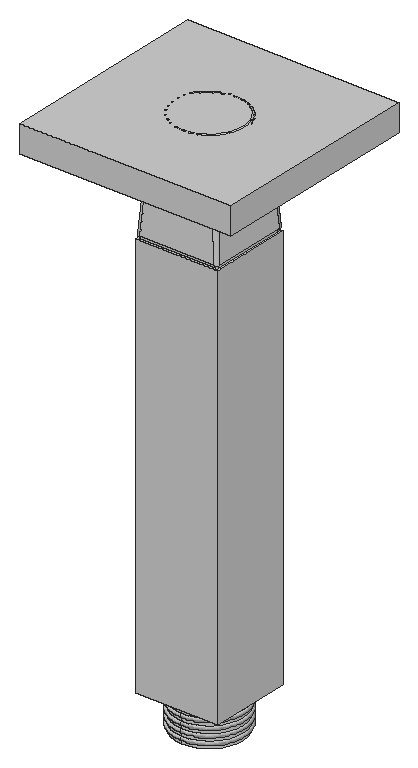
Revit family "SG0080873061CW", category Aparatos sanitarios, Revit 2019
Family settings
  Anfitrión = Techo
  Cota de conector redondo = Diámetro de uso
  Tipo de pieza = Normal
  Número OmniClass = 23.45.55.17
  Título OmniClass = Mixing Faucets
  Siempre vertical = Sí
  Corte con vacíos al cargar = No
  Compartido = No
  Punto de cálculo de habitación = No
Parameters (values of type "BRAZO DE DUCHA VERTICAL CUADRADO")
  _EDESA_Revisado = "Calidad.Planos@edesa.com.ec"
  _EDESA_ Tipo de instalación = "Al techo"
  _EDESA_ Tipo = "simple"
  _EDESA_ Sku/código = "SG0080873061CW"
  _EDESA_ Profundidad en cm = 6.2 mm
  _EDESA_ Productos necesarios para instalación = "Regadera"
  _EDESA_ Productos incluídos = ""
  _EDESA_ Presión del agua recomendada = "20 psi (140 kPa) a 125 psi (860 kPa)"
  _EDESA_ Peso en kg = 0.058 kg
  _EDESA_ Nombre = "BRAZO DE DUCHA VERTICAL CUADRADO"
  _EDESA_ Materiales = "Latón"
  _EDESA_ Marca = "BRIGGS"
  _EDESA_ Manual de Instalación = "https://www.briggs.com.ec/productos/instructivos/Briggs/Griferia/Regaderas_slim.pdf"
  _EDESA_ Garantía = "De por vida para el cuerpo principal y acabado en cromo (306)"
  _EDESA_ Ficha técnica = "https://www.briggs.com.ec/productos/fichastecnicaspdf/Briggs/Griferia/Brazo_ducha_vertical_cuadrado.pdf"
  _EDESA_ Descripción = "Brazo de ducha vertical."
  _EDESA_ Cumple normativa ADA = ""
  _EDESA_ Contacto comercial = "(02) 395 2900"
  _EDESA_ Consumo/capacidad de agua en L = "9.5 litros por minuto / 2.5 gpm en combinación con cualquiera de nuestras"
  _EDESA_ Consumo de agua = ""
  _EDESA_ Conexión hidráulica = "Entrada de agua: tubería ø 1/2"
  _EDESA_ Colores/acabados = "Cromo"
  _EDESA_ Certificación = "Cumple con norma NTE - INEN 3123 basada en la norma ASME 112.18.1 - 2012."
  _EDESA_ Categoría = "Productos > Grifería > Ducha"
  _EDESA_ BIM Manager = "Ing. Evelyn Gavilanez"
  _EDESA_ Autor BIM = "http://www1.veraquintana.net/_sitevq/"
  _EDESA_ Ancho en cm = 6.2 mm
  _EDESA_ Altura de sello en cm = 0.0 mm
  _EDESA_ Alto en cm = 15.4 mm
  Uniformat II Description = ""
  Omniclass Code = "23.45.55.17"
  Cromo = Cromo
  Ancho interior = 24.0 mm
  Ancho = 62.0 mm
  Alto = 154.0 mm
Reference planes
  plane 1 "Centro (Frontal/Posterior)": y = 0
  plane 2 "Techo": z = 2438.4
  plane 3 "Centro (Izquierda/Derecha)": x = 0
  plane 4: x = 31
  plane 5: x = -31
  plane 6: y = 31
  plane 7: y = -31
  plane 8: z = 2430.4
  plane 9: x = 12
  plane 10: x = -12
  plane 11: y = 12
  plane 12: y = -12
  plane 13: z = 2406.4
  plane 14: z = 2286.4
  plane 15 "cl": y = 0
  plane 16: z = 2276.4
  plane 17: y = -10
  plane 18: y = 10
Forms (mm)
  Extrusion 1, solid, material "Cromo" <- "Cromo"
    sketch origin (0, 0, 0) x (1, 0, 0) y (0, 1, 0)
      loop
        line (31, 31) -> (-31, 31) -> (-31, -31) -> (31, -31) -> (31, 31)
    from 2430.4 to 2438.4
  Blend 2, solid, material "Cromo" <- "Cromo"
    base sketch origin (0, 0, 0) x (1, 0, 0) y (0, 1, 0)
      loop
        arc (11, -12) -> (11.707, -11.707) -> (12, -11) r 1
        line (12, -11) -> (12, 11)
        arc (12, 11) -> (11.707, 11.707) -> (11, 12) r 1
        line (11, 12) -> (-11, 12)
        arc (-11, 12) -> (-11.707, 11.707) -> (-12, 11) r 1
        line (-12, 11) -> (-12, -11)
        arc (-12, -11) -> (-11.707, -11.707) -> (-11, -12) r 1
        line (-11, -12) -> (11, -12)
    top sketch origin (0, 0, 0) x (1, 0, 0) y (0, 1, 0)
      loop
        line (9, 10.5) -> (-9, 10.5)
        arc (-9, 10.5) -> (-10.061, 10.061) -> (-10.5, 9) r 1.5
        line (-10.5, 9) -> (-10.5, -9)
        arc (-10.5, -9) -> (-10.061, -10.061) -> (-9, -10.5) r 1.5
        line (-9, -10.5) -> (9, -10.5)
        arc (9, -10.5) -> (10.061, -10.061) -> (10.5, -9) r 1.5
        line (10.5, -9) -> (10.5, 9)
        arc (10.5, 9) -> (10.061, 10.061) -> (9, 10.5) r 1.5
    from 2407.4 to 2430.4
  Extrusion 3, solid, material "Cromo" <- "Cromo"
    sketch origin (0, 0, 2438.4) x (1, 0, 0) y (0, 1, 0)
      loop
        line (11, 11.5) -> (-11, 11.5)
        arc (-11, 11.5) -> (-11.354, 11.354) -> (-11.5, 11) r 0.5
        line (-11.5, 11) -> (-11.5, -11)
        arc (-11.5, -11) -> (-11.354, -11.354) -> (-11, -11.5) r 0.5
        line (-11, -11.5) -> (11, -11.5)
        arc (11, -11.5) -> (11.354, -11.354) -> (11.5, -11) r 0.5
        line (11.5, -11) -> (11.5, 11)
        arc (11.5, 11) -> (11.354, 11.354) -> (11, 11.5) r 0.5
    from -32 to -31
  Extrusion 4, solid, material "Cromo" <- "Cromo"
    sketch origin (0, 0, 2438.4) x (1, 0, 0) y (0, 1, 0)
      loop
        line (12, 12) -> (-12, 12) -> (-12, -12) -> (12, -12) -> (12, 12)
    from -152 to -32
  Revolve 5, solid, material "Cromo" <- "Cromo"
    sketch origin (0, 0, 0) x (0, 1, 0) y (0, 0, 1)
      loop
        line (0, 2286.4) -> (-10, 2286.4)
        arc (-10, 2286.4) -> (-10.506, 2285.894) -> (-10, 2285.389) r 0.506
        line (-10, 2285.389) -> (-10, 2284.389)
        arc (-10, 2284.389) -> (-10.506, 2283.883) -> (-10, 2283.378) r 0.506
        line (-10, 2283.378) -> (-10, 2282.378)
        arc (-10, 2282.378) -> (-10.506, 2281.872) -> (-10, 2281.367) r 0.506
        line (-10, 2281.367) -> (-10, 2280.367)
        arc (-10, 2280.367) -> (-10.506, 2279.861) -> (-10, 2279.356) r 0.506
        line (-10, 2279.356) -> (-10, 2278.356)
        arc (-10, 2278.356) -> (-10.506, 2277.85) -> (-10, 2277.345) r 0.506
        line (-10, 2277.345) -> (-10, 2276.4) -> (0, 2276.4) -> (0, 2286.4)
      axis (0, 2286.4) -> (0, 2276.4)
    angle from 0 to 360
  Revolve 6, solid, material "Cromo" <- "Cromo"
    sketch origin (0, 0, 154) x (0, 1, 0) y (0, 0, 1)
      loop
        line (0, 2284.389) -> (-10, 2284.389)
        arc (-10, 2284.389) -> (-10.506, 2283.883) -> (-10, 2283.378) r 0.506
        line (-10, 2283.378) -> (-10, 2282.378)
        arc (-10, 2282.378) -> (-10.506, 2281.872) -> (-10, 2281.367) r 0.506
        line (-10, 2281.367) -> (-10, 2280.367)
        arc (-10, 2280.367) -> (-10.506, 2279.861) -> (-10, 2279.356) r 0.506
        line (-10, 2279.356) -> (-10, 2278.356)
        arc (-10, 2278.356) -> (-10.506, 2277.85) -> (-10, 2277.345) r 0.506
        line (-10, 2277.345) -> (-10, 2276.4) -> (0, 2276.4) -> (0, 2284.389)
      axis (0, 2284.389) -> (0, 2276.4)
    angle from 0 to 360
Dimensions and locks
  equal spacing: host sketch curve, plane 3 "Centro (Izquierda/Derecha)", host sketch curve
  equal spacing: host sketch curve, plane 1 "Centro (Frontal/Posterior)", host sketch curve
  host sketch curve to host sketch curve = 3048.0 mm  (x2)
  equal spacing: plane 5, plane 3 "Centro (Izquierda/Derecha)", plane 4
  equal spacing: plane 6, plane 1 "Centro (Frontal/Posterior)", plane 7
  "Ancho": plane 5 to plane 4
  "Ancho": plane 6 to plane 7
  plane 2 "Techo" to plane 8 = 8.0 mm
  equal spacing: plane 10, plane 3 "Centro (Izquierda/Derecha)", plane 9
  equal spacing: plane 12, plane 1 "Centro (Frontal/Posterior)", plane 11
  "Ancho interior": plane 12 to plane 11
  "Ancho interior": plane 10 to plane 9
  locked: plane 8 to plane 13 at 24
  locked: plane 2 "Techo" to plane 8 at 8
  plane 13 to plane 14 = 120.0 mm
  plane 14 to plane 16 = 10.0 mm
  plane 13 to plane 16 = 130.0 mm
  "Alto": plane 8 to plane 16
  aligned and locked: plane 6 to Extrusion 1 sketch curve
  aligned and locked: Extrusion 1 sketch curve to plane 4
  aligned and locked: Extrusion 1 sketch curve to plane 7
  aligned and locked: plane 5 to Extrusion 1 sketch curve
  aligned and locked: plane 2 "Techo" to Extrusion 1
  aligned and locked: Extrusion 1 to plane 8
  aligned and locked: Blend 2 to Extrusion 1
  aligned and locked: Extrusion 4 sketch curve to plane 11
  aligned and locked: Extrusion 4 sketch curve to plane 9
  aligned and locked: plane 12 to Extrusion 4 sketch curve
  aligned and locked: plane 10 to Extrusion 4 sketch curve
  aligned and locked: plane 13 to Extrusion 4
  aligned and locked: Extrusion 4 to plane 14
Automatic sketch dimensions
  Blend 2 sketch curve to plane 10 = 0.0 mm
  plane 12 to Blend 2 sketch curve = 0.0 mm
  plane 11 to Blend 2 sketch curve = 0.0 mm
  Blend 2 sketch curve to plane 9 = 0.0 mm
  Blend 2 sketch curve to Blend 2 sketch curve = 1.0 mm  (x3)
  plane 9 to Blend 2 sketch curve = 1.0 mm
  Blend 2 sketch curve to plane 10 = 1.5 mm
  Blend 2 sketch curve to plane 12 = 1.5 mm
  Blend 2 sketch curve to Blend 2 sketch curve = 1.5 mm  (x2)
  plane 11 to Blend 2 sketch curve = 1.5 mm
  plane 9 to Blend 2 sketch curve = 3.0 mm  (x2)
  plane 9 to Blend 2 sketch curve = 1.5 mm
  Extrusion 3 sketch curve to plane 10 = 0.5 mm
  Extrusion 3 sketch curve to Extrusion 3 sketch curve = 0.5 mm  (x2)
  plane 9 to Extrusion 3 sketch curve = 1.0 mm  (x2)
  plane 9 to Extrusion 3 sketch curve = 0.5 mm
  Extrusion 3 sketch curve to plane 12 = 0.5 mm
  plane 11 to Extrusion 3 sketch curve = 1.0 mm
  Revolve 5 sketch curve to plane 16 = 0.0 mm  (x2)
  Revolve 5 sketch curve to plane 14 = 0.0 mm  (x2)
  Revolve 5 sketch curve to plane 1 "Centro (Frontal/Posterior)" = 0.0 mm  (x2)
  Revolve 5 sketch curve to plane 14 = 0.506 mm
  Revolve 5 sketch curve to plane 12 = 2.0 mm
  Revolve 5 sketch curve to Revolve 5 sketch curve = 0.945 mm
  Revolve 5 sketch curve to Revolve 5 sketch curve = 0.506 mm  (x4)
  Revolve 5 sketch curve to Revolve 5 sketch curve = 1.0 mm  (x3)
  Revolve 6 sketch curve to plane 8 = 0.0 mm  (x2)
  Revolve 6 sketch curve to plane 1 "Centro (Frontal/Posterior)" = 0.0 mm  (x2)
  Revolve 6 sketch curve to plane 12 = 2.0 mm
  plane 8 to Revolve 6 sketch curve = 0.945 mm
  Revolve 6 sketch curve to Revolve 6 sketch curve = 0.506 mm  (x4)
  Revolve 6 sketch curve to Revolve 6 sketch curve = 1.0 mm  (x3)
  plane 2 "Techo" to Revolve 6 sketch curve = 2.0 mm
